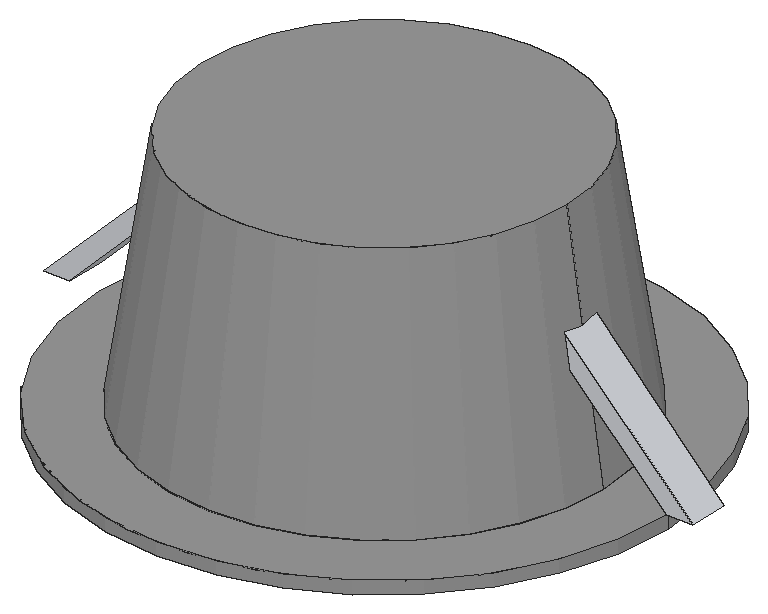
Revit family "MAGELLAN-DOWN_LIGHT_LED_28W_O220+connect_19_4000K", category Lighting Fixtures, host Ceiling, Revit 2021
Family settings
  Host = Ceiling
  Round Connector Dimension = Use Diameter
  Part Type = Normal
  OmniClass Number = 23.80.70.11
  OmniClass Title = Luminaries for Internal Lighting
  Always vertical = Yes
  Cut with Voids When Loaded = No
  Light Source = Yes
  Shared = No
  Room Calculation Point = No
Parameters (values of type "Type 1")
  Wattage = 21.4889 W
  built-in parameter 1150110 = 1 (stored number, unit not read)
  URL = "https://www.lucera.fr/"
  built-in parameter 1114217 = 1 (stored number, unit not read)
  Tilt Angle = 90.00°
  built-in parameter 1150109 = 1 (stored number, unit not read)
  built-in parameter 1150134 = 12
  built-in parameter 1150113 = 1 (stored number, unit not read)
  SDCM = "3"
  Puissance nominale = "28W"
  Photometric Web File = "google_eulumdat_converter.ies"
  Matériau = "Aluminium + PC réflecteur finition chrome"
  Manufacturer = "Lucera - Lucera (c) 06/01/2021 16:40:06 +01:00"  # constant formula
  Maintien du flux = "L80B10 (50 000 heures)"
  Lumens = 3192 lm
  built-in parameter 1150115 = 1 (stored number, unit not read)
  built-in parameter 1150105 = 254.01 (stored number, unit not read)
  built-in parameter 1150137 = (empty or 0)
  built-in parameter 1150139 = (empty or 0)
  built-in parameter 1150112 = 1 (stored number, unit not read)
  built-in parameter 1150114 = 1 (stored number, unit not read)
  Lamp = "LED Hongli 2835"
  built-in parameter 1150132 = 2
  built-in parameter 1150102 = (empty or 0)
  built-in parameter 1150138 = (empty or 0)
  built-in parameter 1150107 = 4000 (stored number, unit not read)
  built-in parameter 1150106 = 2.5401 (stored number, unit not read)
  IRC = ">90"
  built-in parameter 1150104 = 13.8 (stored number, unit not read)
  Durée de vie = "50 000 heures"
  Driver = "Driver Lifud TUV CE RCM CCC"
  Dimming Lamp Color Temperature Shift = <None>
  Dimensions = "Ø 220 mm, H = 98 mm"
  Dimension découpe = "Ø 195 mm"
  Default Elevation = 0 mm
  Couleur = "Blanc"
  Color Filter = 16777215
  built-in parameter 1114218 = 1 (stored number, unit not read)
  built-in parameter 1150133 = 10 (stored number, unit not read)
  Angle d'éclairage = "80°"
  Alimentation luminaire = "33-40V dc / 700mA"
  Alimentation Driver = "AC 220-240V"
Reference planes
  plane 1 "Light Source Axis (F/B)": y = 0
  plane 2: z = 0
  plane 3 "Light Source Axis (L/R)": x = 0
  plane 4 "Ceiling": z = 4000
  plane 5 "Light Source Elevation": z = 3988.263
Forms (mm)
  Extrusion 1, solid
    sketch origin (-5, 0, 5) x (-1, 0, 0) y (0, 0, -1)
      loop
        line (70, -4040.314) -> (70, -4050.314) -> (120.314, -4000) -> (110.314, -4000) -> (70, -4040.314)
    from -7.541 to 7.745
  Extrusion 2, solid, material "Aluminum"
    sketch origin (0, 0, 4000) x (0, 1, 0) y (-1, 0, 0)
      loop
        circle (0, 0) r 110
      loop
        circle (0, 0) r 85
    from -5 to 0
  Blend 3, solid, material "Aluminum, gris"
    base sketch origin (0, 0, 4000) x (0, 1, 0) y (-1, 0, 0)
      loop
        circle (0, 0) r 85
    top sketch origin (0, 0, 4000) x (0, 1, 0) y (-1, 0, 0)
      loop
        circle (0, 0) r 70.405
    from 0 to 92.992
  Extrusion 4, solid, material "Glass, White, High Luminance"
    sketch origin (0, 0, 4000) x (0, 1, 0) y (-1, 0, 0)
      loop
        circle (0, 0.29) r 85.231
    from -5 to 0
  Extrusion 5, solid
    sketch origin (5, 0, 5) x (1, 0, 0) y (0, 0, 1)
      loop
        line (70, 4040.314) -> (110.314, 4000) -> (120.314, 4000) -> (70, 4050.314) -> (70, 4040.314)
    from -7.541 to 7.745
Lines and regions (mm)
  reference lines
    curve 1: line (0, 0, 4000) -> (65, 0, 4000)
    curve 2: line (0, 0, 3995) -> (0, 0, 4063)
    curve 3: line (0, 0, 4000) -> (92.5, 0, 4000)
    curve 4: line (0, 0, 3995) -> (0, 0, 4092.992)
    curve 5: line (0, 0, 4000) -> (110, 0, 4000)
Dimensions and locks
  equal spacing: host sketch curve, plane 3 "Light Source Axis (L/R)", host sketch curve
  equal spacing: host sketch curve, plane 1 "Light Source Axis (F/B)", host sketch curve
  host sketch curve to host sketch curve = 4000 mm  (x2)
  plane 4 "Ceiling" to host ceiling = 0 mm
  aligned and locked: plane 1 "Light Source Axis (F/B)" to imposter light
  aligned and locked: plane 5 "Light Source Elevation" to imposter light
